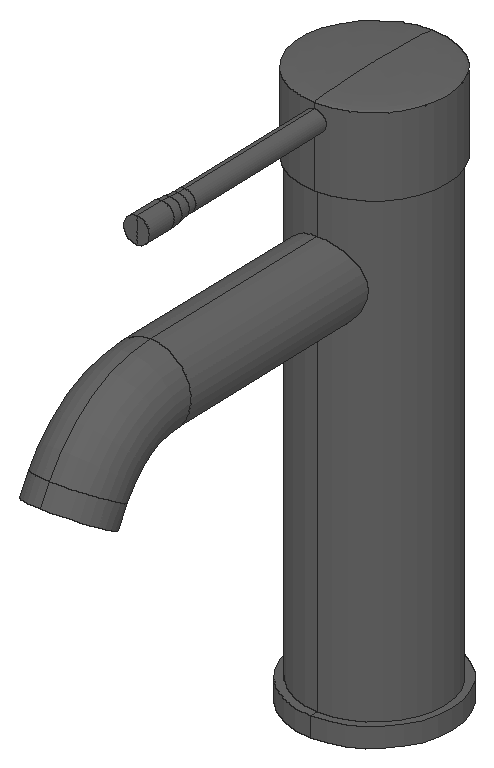
Revit family "Grohe_BasinMixer_Essence_24172KF1", category Plumbing Fixtures, host Face, Revit 2020
Family settings
  Host = Face
  Round Connector Dimension = Use Diameter
  Part Type = Normal
  OmniClass Number = 23.45.05.00
  OmniClass Title = Sanitary Equipment
  Cut with Voids When Loaded = No
  Shared = No
  Room Calculation Point = No
Parameters (values of type "ESSENCE Basin Mixer (24172KF1)")
  _ObjectUserGuide = "https://www.bimstore.co/products/grohe-24172KF1/document/object-user-guide"
  _DistributedBy = "https://www.bimstore.co/"
  _CurrentRevision = 1
  _CreatedBy = "https://www.bimstore.co/"
  _BimSpecGuid = 0
  _BSBibleVersion = 17
  _AuthorizedBy = "bimstore"
  _Author = "AM 147"
  Waste Connection = no
  WarrantyStartDate [instance] = "Please Record On Commissioning."
  WarrantyGuarantorParts = "info-uk@grohe.com"
  WarrantyGuarantorLabor = "info-uk@grohe.com"
  WarrantyDurationUnit = "Years"
  WarrantyDurationParts = "0"
  WarrantyDurationLabor = "0"
  WarrantyDescription = "n/a"
  Vent Connection = no
  URL = "https://www.grohe.co.uk/"
  TypeName = "ESSENCE Basin Mixer"
  Type Comments = "ESSENCE Basin Mixer"
  TPIDocumentLink = "https://cdn.cloud.grohe.com/tpi/100000/100000/100000/100200/100240/100240/100240123/original/100240123.pdf"
  SustainabilityReport = "green.grohe.com/reporting"
  SustainabilityAward = "green.grohe.com/awards"
  SpareParts = "info-uk@grohe.com"
  Size = "n/a"
  Shape = "n/a"
  SerialNumber [instance] = "Please Record On Commissioning."
  ReplacementCost = "n/a"
  ReferencedStandard = "n/a"
  ProductionYear = "2023"
  ProductType = "Single Lever Mixer"
  ProductShortText = "Essence Basin mixer 1/2\" S-Size"
  ProductPageURL = "https://www.grohe.co.uk/en_gb/-24172KF1.html"
  ProductNumber = "24172KF1"
  ProductDescription = "single hole installation\r\n\r\nmetal lever\r\n\r\nGROHE SilkMove 28 mm ceramic cartridge\r\n\r\nwith temperature limiter\r\n\r\nGROHE Long-Life Shine finish\r\n\r\nGROHE Water Saving mousseur 5.7 l/min\r\n\r\nGROHE AquaGuide adjustable mousseur\r\n\r\nGROHE FastFixation Plus installation system\r\n\r\nsmooth body\r\n\r\nflexible connection hoses"
  PrimaryMaterial = Grohe_MattBlack
  PQDiagramLink = "https://cdn.cloud.grohe.com/PQCharts/lores/2/241/original/24172KF1-pqchart-en_GB.svg"
  NominalLength = 0.0 mm
  NominalHeight = 0.0 mm
  NominalDepth = 0.0 mm
  NBSReference = "45-35-70/345"
  NBSOfficeMasterTag = "n/a"
  NBSObjectName = "Grohe - Mixer taps"
  NBSNote = "n/a"
  NBSDescription = "Mixer taps"
  ModelReference = "ESSENCE Basin Mixer"
  ModelNumber = "24172KF1"
  Model = "ESSENCE Basin Mixer"
  Material = "n/a"
  ManufacturerName = "Grohe"
  Manufacturer = "Grohe"
  Keynote = "N13"
  InstallationDate [instance] = "Please Record On Commissioning."
  IfcExportType = "IfcPipeFittingType"
  IfcExportAs = "IfcPipeFitting"
  HW Connection = yes
  Grade = "n/a"
  GROHESustainability = "green.grohe.com"
  GROHESocialCommittment = "green.grohe.com/social_engagement"
  FullRecyclabilityOfPlastic = "All plastic components are fully recyclable"
  Finish = "n/a"
  Features = "n/a"
  ExpectedLife = 0
  Ecojoy = no
  EFSE0002 = "FALSE"
  EFDE0046 = "Group I, <=20 dB(A)"
  EF025109 = "Other"
  EF023688 = "Foam jet nozzle"
  EF023687 = "FALSE"
  EF023686 = "not applicable"
  EF022750 = "Cast"
  EF022168 = "FALSE"
  EF022042 = "None"
  EF021835 = 0.0 mm
  EF021808 = "1-hole"
  EF020801 = "FALSE"
  EF020799 = "TRUE"
  EF020798 = "not relevant"
  EF020797 = 102.0 mm
  EF020796 = 208.0 mm
  EF020795 = "Fixed"
  EF020794 = "TRUE"
  EF020792 = "FALSE"
  EF020791 = "Brass"
  EF020789 = 116.0 mm
  EF020787 = "Group II, <=30 dB(A)"
  EF020785 = "3/8 inch"
  EF020781 = "Cartouche, ceramic"
  EF020780 = "Single-grip"
  EF020105 = no
  EF020075 = yes
  EF016731 = "Group I,<= 20 dB(A)"
  EF015280 = "FALSE"
  EF014591 = "FALSE"
  EF014578 = "not applicable"
  EF012753 = "5.0"
  EF011781 = "not applicable"
  EF011779 = "FALSE"
  EF011775 = "AA, free air gap"
  EF007955 = "FALSE"
  EF002671 = "Black"
  EF002286 = "Hose (gland nut)"
  EF002149 = "TRUE"
  EF001707 = "70 °C"
  EF000139 = "Other"
  EF000003 = "Top/tap hole"
  DurationUnit = "Years"
  DocumentationTechnical = "https://www.bimstore.co/products/grohe-24172KF1/document/technical-data-sheet"
  DocumentationMaintenance = "https://www.bimstore.co/products/grohe-24172KF1/document/maintenance-information"
  DocumentationLiterature = "https://www.bimstore.co/products/grohe-24172KF1/document/product-literature"
  DocumentationInstallationGuide = "https://www.bimstore.co/products/grohe-24172KF1/document/installation-guide"
  DocumentationCertificates = "https://www.bimstore.co/products/grohe-24172KF1/document/product-certificates"
  DimensionsDocumentLink = "https://cdn.cloud.grohe.com/dimdraw/100000/100000/100000/100000/100020/100020/100020834/1280/100020834.jpg"
  Description = "ESSENCE Basin Mixer"
  Default Elevation = 0.0 mm
  CreatedOn = "2023-03-01T09:00:00"
  CreatedBy = "info-uk@grohe.com"
  CradleToCradleCertification = "n/a"
  Cost = 0
  Constituents = "n/a"
  Color = "Matt Black"
  CodePerformance = "n/a"
  ClassificationValue = "Pr_40_20_87_55"
  ClassificationName = "Uniclass2015"
  CW Connection = yes
  CO2NeutralProduction = "GROHE is one of the first leading manufacturer within the sanitary industry having a CO2-neutral production."
  BarCode [instance] = "Please Record On Commissioning."
  BIMObjectName = "Grohe_BasinMixer_Essence_24172KF1"
  AssetType = "Fixed"
  AssetIdentifier [instance] = "n/a"
  Assembly Code = "D2010"
  AccessibilityPerformance = "n/a"
Reference planes
  plane 1 "Center (Front/Back)": y = 0
  plane 2: z = 0
  plane 3 "Center (Left/Right)": x = 0
Forms (mm)
  Revolve 1, solid, material "Grohe_MattBlack" <- "PrimaryMaterial"
    sketch origin (0, 0, 0) x (0, 1, 0) y (0, 0, 1)
      loop
        line (0, 0) -> (21.5, 0) -> (21.5, 148.759) -> (0, 148.759) -> (0, 0)
      axis (0, 0) -> (0, 148.759)
    angle from 0 to 360
  Sweep 2, solid, material "Grohe_MattBlack" <- "PrimaryMaterial"
    path origin (0, 0, 0) x (0, 1, 0) y (0, 0, 1)
      loop
        line (-116.335, 101.514) -> (-112.874, 107.509)
        arc (-112.874, 107.509) -> (-101.161, 119.222) -> (-85.161, 123.509) r 32
        line (-85.161, 123.509) -> (0, 123.509)
    profile origin (0, -42.581, 123.509) x (0, 0, 1) y (1, 0, 0)
      loop
        circle (0, 0) r 12.25
  Revolve 3, solid, material "Grohe_MattBlack" <- "PrimaryMaterial", detail levels medium+fine
    sketch origin (0, 0, 0) x (0, 1, 0) y (0, 0, 1)
      loop
        line (-90.5, 167.767) -> (0, 167.767) -> (0, 170.951) -> (-72.028, 170.951)
        arc (-72.028, 170.951) -> (-73.381, 170.976) -> (-74.732, 171.052) r 36.293
        line (-74.732, 171.052) -> (-78.006, 171.464)
        arc (-78.006, 171.464) -> (-79.533, 171.612) -> (-81.066, 171.672) r 26.78
        line (-81.066, 171.672) -> (-90.5, 171.672) -> (-90.5, 167.767)
      axis (0, 167.767) -> (-90.5, 167.767)
    angle from 0 to 360
  Revolve 4, solid, material "Grohe_MattBlack" <- "PrimaryMaterial", detail levels medium+fine
    sketch origin (0, 0, 0) x (0, 1, 0) y (0, 0, 1)
      loop
        line (22.5, 148.759) -> (22.5, 172.709)
        spline (22.5, 172.709) -> (22.308, 172.877) -> (21.733, 173.042) -> (20.787, 173.202) -> (19.486, 173.353) -> (17.85, 173.494) -> (15.91, 173.621) -> (13.697, 173.732) -> (11.25, 173.825) -> (8.61, 173.9) -> (5.823, 173.954) -> (2.937, 173.987) -> (0, 173.998)
        line (0, 173.998) -> (0, 148.759) -> (22.5, 148.759)
      axis (0, 148.759) -> (0, 173.998)
    angle from 0 to 360
  Revolve 5, solid, material "Grohe_MattBlack" <- "PrimaryMaterial", detail levels medium+fine
    sketch origin (0, 0, 0) x (0, 1, 0) y (0, 0, 1)
      loop
        line (21.5, 0) -> (24, 0) -> (24, 6) -> (21.5, 6) -> (21.5, 0)
      axis (0, 6) -> (0, 0)
    angle from 0 to 360
  Revolve 6, solid, material "Grohe_MattBlack" <- "PrimaryMaterial", detail levels coarse
    sketch origin (0, 0, 0) x (0, 1, 0) y (0, 0, 1)
      loop
        line (22.5, 148.759) -> (22.5, 173.998) -> (0, 173.998) -> (0, 148.759) -> (22.5, 148.759)
      axis (0, 148.759) -> (0, 173.998)
    angle from 0 to 360
  Revolve 7, solid, material "Grohe_MattBlack" <- "PrimaryMaterial", detail levels coarse
    sketch origin (0, 0, 0) x (0, 1, 0) y (0, 0, 1)
      loop
        line (-90.5, 167.767) -> (0, 167.767) -> (0, 171.672) -> (-90.5, 171.672) -> (-90.5, 167.767)
      axis (0, 167.767) -> (-90.5, 167.767)
    angle from 0 to 360
  Extrusion 8, solid, not visible, detail levels coarse
    sketch origin (0, -82.454, 64.4) x (0, 1, 0) y (-1, 0, 0)
      loop
        circle (82.454, 10.75) r 7.5
      loop
        circle (82.454, -10.75) r 7.5
    from -64.4 to -58.4
Cuts and joins
  joined: Revolve 1, Sweep 2
  joined: Revolve 3, Revolve 4
  joined: Revolve 6, Revolve 7
Dimensions and locks
  aligned and locked: plane 2 to host face
  aligned and locked: level to host face
Connectors
  piping at (-10.75, 0, 0), diameter 15
    settings: on Extrusion 8, index 1, connector inside diameter 609.6 mm, connector length 0.0 mm, flow factor 0, pipe flow 0.0 L/s, pressure drop 0.0 Pa, fitting loss kfactor 0, connector angle 0.00°, fixture units 0, engagement length 0.0 mm, angle of deflection 0.00°, flow configuration 0, flow direction 1, fitting loss method 0, system type 19, joint type 0, gender type 0, connector reference index -1, connector utility 0, adjustable connector no, is connector primary yes, connector description ""
  piping at (10.75, 0, 0), diameter 15
    settings: on Extrusion 8, index 2, connector inside diameter 609.6 mm, connector length 0.0 mm, flow factor 0, pipe flow 0.0 L/s, pressure drop 0.0 Pa, fitting loss kfactor 0, connector angle 0.00°, fixture units 0, engagement length 0.0 mm, angle of deflection 0.00°, flow configuration 0, flow direction 1, fitting loss method 0, system type 20, joint type 0, gender type 0, connector reference index -1, connector utility 0, adjustable connector no, is connector primary no, connector description ""
